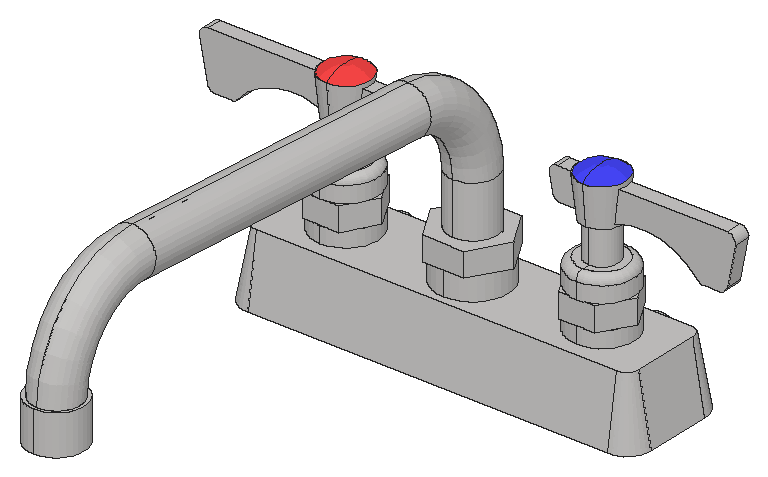
Revit family "Krowne_15-308L_DeckMount_Faucet", category Plumbing Fixtures, Revit 2018
Family settings
  Round Connector Dimension = Use Diameter
  Part Type = Normal
  OmniClass Number = 23.40.40.00
  OmniClass Title = Food Service Equipment and Furnishings
  Work Plane-Based = No
  Always vertical = Yes
  Cut with Voids When Loaded = No
  Shared = No
  Room Calculation Point = No
Parameters (values of type "DefaultType")
  Width = 8 3/8"
  Weight in Pounds = 5
  Watermarked By = ""
  Waste Water Discharge Temperature [instance] = -459.67 °F
  URL Cutsheet = ""
  URL = "https://krowne.com/"
  Status [instance] = ""
  Specification by User [instance] = ""
  Specification by Manufacturer [instance] = ""
  Serial Number [instance] = ""
  Revision Code [instance] = ""
  Plumbing Remarks [instance] = ""
  Plumbing Connection Type = ""
  NAFEM Spec ID Number [instance] = ""
  Model = "15-308L"
  Masterspec [instance] = ""
  Manufacturer = "Krowne Metal"
  KCLRef = "KCL2C9,,0004c581-0000-0000-0000-000000000307,KR,15-308L ,637100814740000000,eeedae36-c639-40e4-8920-3804ab45c4ca,9c4671c9-12e8-4237-acc4-ce8f68411cfb"
  KCL SpecSheet URL = "http://kclweb.kclcad.com/imagehandler.ashx?kdoc=15-3xxl&R=KR&M=15-308L%20&VC=7&TID=KCLWeb&T=doc"
  Item Number [instance] = "-"
  Installed By [instance] = ""
  Hot Water Temperature = 100 °F
  Hot Water Size = 1/2"
  Hot Water RI Height [instance] = 0"
  Hot Water Minimum Pressure = 0.00 psi
  Hot Water Maximum Pressure = 0.00 psi
  Hot Water Flow = 1.8 GPM
  Hot Water Consumption = 0 GPM
  Hot Water Connection Height = 0"
  Height = 3 3/8"
  Furnished By [instance] = ""
  Foodservice Equipment Identifier = yes
  Description = "Deck Mount Faucet"
  Depth = 1 7/8"
  Cold Water Temperature Recommended = -459.67 °F
  Cold Water Size = 1/2"
  Cold Water RI Height [instance] = 0"
  Cold Water Minimum Pressure = 0.00 psi
  Cold Water Maximum Pressure = 0.00 psi
  Cold Water Flow = 1.8 GPM
  Cold Water Consumption = ""
  Cold Water Connection Height = 0"
  CSI MasterFormat = ""
  Assembly Code = "E1090300"
Reference planes (in)
  plane 1 "BACK": y = 0
  plane 2: z = 0
  plane 3 "LEFT": x = -16.75323
  plane 4 "RIGHT": x = -8.37823
  plane 5 "FRONT": y = -1.875
  plane 6 "TOP": z = 3.375
  plane 7 "CENTER L/R": x = -12.56573
  plane 8 "Top of Body": z = 1.0625
  plane 9: y = -0.9375
  plane 10: z = 2.375
  plane 11: y = -9.0625
  plane 12: z = 4.75
Forms (in)
  Sweep 1, solid, material "QF_Stainless-Polished"
    path origin (-12.56573, 0, 0) x (0, 1, 0) y (0, 0, 1)
      loop
        line (-0.9375, 1.0625) -> (-0.9375, 2.61869)
        arc (-0.9375, 2.61869) -> (-1.30696, 3.55652) -> (-2.2168, 3.99036) r 1.375
        line (-2.2168, 3.99036) -> (-7.5918, 4.36536)
        arc (-7.5918, 4.36536) -> (-8.62533, 3.99923) -> (-9.0625, 2.99369) r 1.375
        line (-9.0625, 2.99369) -> (-9.0625, 2.375)
    profile origin (-12.56573, -0.9375, 1.84059) x (0, -1, 0) y (1, 0, 0)
      loop
        circle (0, 0) r 0.375
      loop
        circle (0, 0) r 0.25
  Extrusion 2, solid, material "QF_Stainless-Polished"
    sketch origin (0, 0, 1.0625) x (0, 1, 0) y (-1, 0, 0)
      loop
        circle (-0.9375, 12.56573) r 0.375
      loop
        circle (-0.9375, 12.56573) r 0.4375
    from 0 to 0.625
  Extrusion 3, solid, material "QF_Stainless-Polished"
    sketch origin (0, 0, 1.0625) x (0, 1, 0) y (-1, 0, 0)
      loop
        circle (-0.9375, 12.56573) r 0.5625
      loop
        circle (-0.9375, 12.56573) r 0.375
    from 0 to 0.375
  Extrusion 4, solid, material "QF_Stainless-Polished"
    sketch origin (0, 0, 1.4375) x (0, 1, 0) y (-1, 0, 0)
      loop
        line (-0.9375, 11.91391) -> (-0.37301, 12.23982) -> (-0.37301, 12.89163) -> (-0.9375, 13.21754) -> (-1.50199, 12.89163) -> (-1.50199, 12.23982) -> (-0.9375, 11.91391)
      loop
        circle (-0.9375, 12.56573) r 0.375
    from 0 to 0.375
  Extrusion 5, solid, material "QF_Stainless-Polished"
    sketch origin (-12.56573, -9.0625, 2.375) x (0, -1, 0) y (-1, 0, 0)
      loop
        circle (0, 0) r 0.375
      loop
        circle (0, 0) r 0.4375
    from 0 to -0.625
Lines and regions (in)
  symbolic lines
    curve 1: line (-12.23982, -0.37301, 0) -> (-12.89163, -0.37301, 0)
    curve 2: line (-12.89163, -0.37301, 0) -> (-13.21754, -0.9375, 0)
    curve 3: line (-13.21754, -0.9375, 0) -> (-12.94073, -1.41696, 0)
    curve 4: line (-12.19073, -1.41696, 0) -> (-11.91391, -0.9375, 0)
    curve 5: line (-11.91391, -0.9375, 0) -> (-12.23982, -0.37301, 0)
    curve 6: arc (-12.56573, -1.3125, 0) -> (-12.94073, -0.9375, 0) -> (-12.56573, -0.5625, 0) r 0.375
    curve 7: arc (-12.56573, -0.5625, 0) -> (-12.19073, -0.9375, 0) -> (-12.56573, -1.3125, 0) r 0.375
    curve 8: arc (-12.94073, -9.0625, 0) -> (-12.83089, -9.32767, 0) -> (-12.56573, -9.4375, 0) r 0.375
    curve 9: arc (-12.56573, -9.4375, 0) -> (-12.30056, -9.32767, 0) -> (-12.19073, -9.0625, 0) r 0.375
    curve 10: line (-12.94073, -9.0625, 0) -> (-12.94073, -0.9375, 0)
    curve 11: line (-12.19073, -0.9375, 0) -> (-12.19073, -9.0625, 0)
Dimensions and locks (in)
  "Width": plane 3 "LEFT" to plane 4 "RIGHT"
  "Depth": plane 5 "FRONT" to plane 1 "BACK"
  "Height": plane 6 "TOP" to plane 2
  plane 8 "Top of Body" to level = 1 1/16"
  equal spacing: plane 5 "FRONT", plane 9, plane 1 "BACK"
  equal spacing: plane 3 "LEFT", plane 7 "CENTER L/R", plane 4 "RIGHT"
  plane 10 to plane 8 "Top of Body" = 1 5/16"
  plane 11 to plane 1 "BACK" = 9 1/16"
  plane 12 to plane 8 "Top of Body" = 3 11/16"
  aligned and locked: level to plane 2
  aligned and locked: plane 9 to Sweep 1 sketch curve
  aligned and locked: Sweep 1 sketch curve to plane 11
  aligned and locked: plane 10 to Sweep 1 sketch curve
Automatic sketch dimensions
  Sweep 1 sketch curve to Sweep 1 sketch curve = 0"  (x2)
  Sweep 1 sketch curve to plane 7 "CENTER L/R" = 0"
  Sweep 1 sketch curve to profile plane = 0"
  Extrusion 2 sketch curve to Extrusion 2 sketch curve = 0"  (x2)
  Extrusion 2 sketch curve to plane 7 "CENTER L/R" = 0"
  plane 9 to Extrusion 2 sketch curve = 0"
  Extrusion 4 sketch curve to Extrusion 4 sketch curve = 0"  (x2)
  Extrusion 4 sketch curve to Extrusion 4 sketch curve = 0.56449"  (x2)
  Extrusion 4 sketch curve to Extrusion 4 sketch curve = 0.32591"  (x5)
  Extrusion 4 sketch curve to Extrusion 4 sketch curve = 0.65182"
  curve 8 to curve 9 = 0"
  plane 9 to curve 2 = 0"
  plane 11 to curve 10 = 0"
  plane 9 to curve 10 = 0"
  curve 6 to plane 7 "CENTER L/R" = 0"
  plane 9 to curve 11 = 0"
  plane 9 to curve 4 = 0"
  plane 9 to curve 6 = 0"
  curve 1 to plane 7 "CENTER L/R" = 0.32591"
  curve 10 to curve 8 = 3/8"
  curve 3 to curve 10 = 0.27682"
  plane 7 "CENTER L/R" to curve 5 = 0.32591"
  curve 11 to curve 4 = 0.27682"
  plane 1 "BACK" to curve 1 = 0.37301"
  curve 3 to curve 6 = 0.10446"
  curve 4 to curve 6 = 0.10446"
  Extrusion 3 sketch curve to Extrusion 3 sketch curve = 0"  (x2)
  Extrusion 3 sketch curve to plane 7 "CENTER L/R" = 0"
  plane 9 to Extrusion 3 sketch curve = 0"
  Sweep 1 sketch curve to plane 8 "Top of Body" = 0"
  Sweep 1 sketch curve to plane 6 "TOP" = 0.38131"
  Sweep 1 sketch curve to plane 12 = 0.38464"
  Sweep 1 sketch curve to Sweep 1 sketch curve = 0.0957"
  plane 5 "FRONT" to Sweep 1 sketch curve = 7/16"
  plane 5 "FRONT" to Sweep 1 sketch curve = 0.3418"
  plane 10 to Sweep 1 sketch curve = 0.24369"
  radius of Sweep 1 sketch curve = 3/8"
  radius of Sweep 1 sketch curve = 1/4"
  radius of Extrusion 2 sketch curve = 3/8"
  radius of Extrusion 2 sketch curve = 7/16"
  radius of Extrusion 4 sketch curve to Extrusion 3 = 0"
  radius of Extrusion 5 sketch curve to Sweep 1 = 0"
  radius of Sweep 1 to Extrusion 5 sketch curve = 1/16"
  radius of Extrusion 3 sketch curve = 9/16"
  radius of Extrusion 3 sketch curve = 3/8"
Nested families (in)
  nested 1: "QF_Krowne_15-3_Body" at (-0.1875, 0, 0), type "QF_Krowne_15-3_Body"
Connectors (in)
  piping at (-14.56573, 0.25, 0.53125), diameter 0.5, driven by "Hot Water Flow", driven by "Hot Water Size"
    settings: on nested 1, index 1, connector inside diameter 24", connector length 0", flow factor 0, pipe flow 1.8 GPM, pressure drop 0.00 psi, fitting loss kfactor 0, connector angle 0.00°, fixture units 0, engagement length 0", angle of deflection 0.00°, flow configuration 1, flow direction 1, fitting loss method 0, system type 19, joint type 0, gender type 0, connector reference index -1, connector utility 0, adjustable connector no, is connector primary yes, connector description "HOT WATER"
  piping at (-10.56573, 0.25, 0.53125), diameter 0.5, driven by "Cold Water Flow", driven by "Cold Water Size"
    settings: on nested 1, index 2, connector inside diameter 24", connector length 0", flow factor 0, pipe flow 1.8 GPM, pressure drop 0.00 psi, fitting loss kfactor 0, connector angle 0.00°, fixture units 0, engagement length 0", angle of deflection 0.00°, flow configuration 1, flow direction 1, fitting loss method 0, system type 20, joint type 0, gender type 0, connector reference index -1, connector utility 0, adjustable connector no, is connector primary no, connector description "COLD WATER"
Definition of nested family "QF_Krowne_15-3_Body"
  Parameters (values of type "QF_Krowne_15-3_Body")
    Width = 8 5/16"
    Watermarked By = ""
    Height = 3 7/8"
    Description = ""
    Depth = 1 13/16"
  Reference planes (in)
    plane 1 "BACK": y = 0
    plane 2: z = 0
    plane 3 "LEFT": x = -16.53448
    plane 4 "RIGHT": x = -8.22198
    plane 5 "TOP": z = 3.1875
    plane 6 "Center": x = -12.37823
    plane 7 "Left of Handle": x = -14.37823
    plane 8 "Right of Handle": x = -10.37823
    plane 9 "Top of Body": z = 1.0625
    plane 10 "FRONT": y = -1.8125
    plane 11: x = -15.56573
    plane 12: x = -9.19073
    plane 13 "Faucet Handle Center": y = -0.90625
    plane 14: y = -0.78125
    plane 15: y = -1.03125
    plane 16: z = 0.53125
    plane 17: z = 3.375
  Forms (in)
    Blend 1, solid
      base sketch origin (0, 0, 0) x (1, 0, 0) y (0, 1, 0)
        loop
          line (-15.19073, -1.8125) -> (-9.56573, -1.8125)
          arc (-9.56573, -1.8125) -> (-9.30056, -1.70267) -> (-9.19073, -1.4375) r 0.375
          line (-9.19073, -1.4375) -> (-9.19073, -0.375)
          arc (-9.19073, -0.375) -> (-9.30056, -0.10983) -> (-9.56573, 0) r 0.375
          line (-9.56573, 0) -> (-15.19073, 0)
          arc (-15.19073, 0) -> (-15.45589, -0.10983) -> (-15.56573, -0.375) r 0.375
          line (-15.56573, -0.375) -> (-15.56573, -1.4375)
          arc (-15.56573, -1.4375) -> (-15.45589, -1.70267) -> (-15.19073, -1.8125) r 0.375
      top sketch origin (0, 0, 0) x (1, 0, 0) y (0, 1, 0)
        loop
          arc (-15.37823, -1.4375) -> (-15.32331, -1.57008) -> (-15.19073, -1.625) r 0.1875
          line (-15.19073, -1.625) -> (-9.56573, -1.625)
          arc (-9.56573, -1.625) -> (-9.43314, -1.57008) -> (-9.37823, -1.4375) r 0.1875
          line (-9.37823, -1.4375) -> (-9.37823, -0.375)
          arc (-9.37823, -0.375) -> (-9.43314, -0.24242) -> (-9.56573, -0.1875) r 0.1875
          line (-9.56573, -0.1875) -> (-15.19073, -0.1875)
          arc (-15.19073, -0.1875) -> (-15.32331, -0.24242) -> (-15.37823, -0.375) r 0.1875
          line (-15.37823, -0.375) -> (-15.37823, -1.4375)
      from 0 to 1.0625
    Extrusion 2, solid
      sketch origin (0, 0, 1.0625) x (0, 1, 0) y (-1, 0, 0)
        loop
          circle (-0.90625, 14.37823) r 0.5
        loop
          circle (-0.90625, 10.37823) r 0.5
      from 0 to 0.25
    Extrusion 3, solid
      sketch origin (0, 0, 1.3125) x (0, 1, 0) y (-1, 0, 0)
        loop
          line (-0.90625, 13.81573) -> (-0.41911, 14.09698) -> (-0.41911, 14.65948) -> (-0.90625, 14.94073) -> (-1.39339, 14.65948) -> (-1.39339, 14.09698) -> (-0.90625, 13.81573)
        loop
          line (-0.90625, 9.81573) -> (-0.41911, 10.09698) -> (-0.41911, 10.65948) -> (-0.90625, 10.94073) -> (-1.39339, 10.65948) -> (-1.39339, 10.09698) -> (-0.90625, 9.81573)
      from 0 to 0.375
    Revolve 4, solid
      sketch origin (-14.37823, 0, 0) x (0, 1, 0) y (0, 0, 1)
        loop
          line (-0.90625, 1.6875) -> (-0.40625, 1.6875) -> (-0.40625, 1.9375)
          arc (-0.40625, 1.9375) -> (-0.44286, 2.02589) -> (-0.53125, 2.0625) r 0.125
          line (-0.53125, 2.0625) -> (-0.90625, 2.0625) -> (-0.90625, 1.6875)
        axis (-0.90625, 1.6875) -> (-0.90625, 2.0625)
      angle from 0 to 360
    Revolve 5, solid
      sketch origin (-10.37823, 0, 0) x (0, 1, 0) y (0, 0, 1)
        loop
          line (-0.90625, 1.6875) -> (-0.40625, 1.6875) -> (-0.40625, 1.9375)
          arc (-0.40625, 1.9375) -> (-0.44286, 2.02589) -> (-0.53125, 2.0625) r 0.125
          line (-0.53125, 2.0625) -> (-0.90625, 2.0625) -> (-0.90625, 1.6875)
        axis (-0.90625, 1.6875) -> (-0.90625, 2.0625)
      angle from 0 to 360
    Revolve 6, solid
      sketch origin (-10.37823, 0, 0) x (0, 1, 0) y (0, 0, 1)
        loop
          line (-0.90625, 2.0625) -> (-0.65625, 2.0625) -> (-0.65625, 2.625) -> (-0.90625, 2.625) -> (-0.90625, 2.0625)
        axis (-0.90625, 2.0625) -> (-0.90625, 2.625)
      angle from 0 to 360
    Revolve 7, solid
      sketch origin (-14.37823, 0, 0) x (0, 1, 0) y (0, 0, 1)
        loop
          line (-0.90625, 2.0625) -> (-0.65625, 2.0625) -> (-0.65625, 2.625) -> (-0.90625, 2.625) -> (-0.90625, 2.0625)
        axis (-0.90625, 2.0625) -> (-0.90625, 2.625)
      angle from 0 to 360
    Revolve 8, solid
      sketch origin (-14.37823, 0, 0) x (0, 1, 0) y (0, 0, 1)
        loop
          line (-0.90625, 2.625) -> (-0.59375, 2.625) -> (-0.53125, 3.25) -> (-0.90625, 3.25) -> (-0.90625, 2.625)
        axis (-0.90625, 2.625) -> (-0.90625, 3.25)
      angle from 0 to 360
    Revolve 9, solid
      sketch origin (-10.37823, 0, 0) x (0, 1, 0) y (0, 0, 1)
        loop
          line (-0.90625, 2.625) -> (-0.59375, 2.625) -> (-0.53125, 3.25) -> (-0.90625, 3.25) -> (-0.90625, 2.625)
        axis (-0.90625, 2.625) -> (-0.90625, 3.25)
      angle from 0 to 360
    Revolve 10, solid
      sketch origin (-14.37823, 0, 0) x (0, 1, 0) y (0, 0, 1)
        loop
          line (-0.90625, 3.25) -> (-0.53125, 3.25)
          arc (-0.53125, 3.25) -> (-0.70704, 3.34763) -> (-0.90625, 3.375) r 0.54601
          line (-0.90625, 3.375) -> (-0.90625, 3.25)
        axis (-0.90625, 3.25) -> (-0.90625, 3.375)
      angle from 0 to 360
    Revolve 11, solid
      sketch origin (-10.37823, 0, 0) x (0, 1, 0) y (0, 0, 1)
        loop
          line (-0.90625, 3.25) -> (-0.53125, 3.25)
          arc (-0.53125, 3.25) -> (-0.70704, 3.34763) -> (-0.90625, 3.375) r 0.54601
          line (-0.90625, 3.375) -> (-0.90625, 3.25)
        axis (-0.90625, 3.25) -> (-0.90625, 3.375)
      angle from 0 to 360
    Extrusion 12, solid
      sketch origin (0, 0, 0) x (1, 0, 0) y (0, 0, 1)
        loop
          circle (-14.37823, 0.53125) r 0.25
        loop
          circle (-10.37823, 0.53125) r 0.25
      from 0.21074 to -0.25
    Extrusion 13, solid
      sketch origin (0, -0.90625, 0) x (1, 0, 0) y (0, 0, 1)
        loop
          arc (-16.43825, 3.1875) -> (-16.53492, 3.14175) -> (-16.56082, 3.03799) r 0.125
          line (-16.56082, 3.03799) -> (-16.43584, 2.41303)
          arc (-16.43584, 2.41303) -> (-16.39251, 2.34087) -> (-16.31326, 2.31254) r 0.125
          line (-16.31326, 2.31254) -> (-16.06338, 2.31254)
          arc (-16.06338, 2.31254) -> (-16.01059, 2.32423) -> (-15.96768, 2.35712) r 0.125
          arc (-15.96768, 2.35712) -> (-15.39497, 2.72229) -> (-14.7163, 2.69449) r 1.13354
          arc (-14.7163, 2.69449) -> (-14.69547, 2.68898) -> (-14.674, 2.68712) r 0.125
          line (-14.674, 2.68712) -> (-13.83077, 2.68712)
          arc (-13.83077, 2.68712) -> (-13.75152, 2.71545) -> (-13.7082, 2.78761) r 0.125
          line (-13.7082, 2.78761) -> (-13.65813, 3.03799)
          arc (-13.65813, 3.03799) -> (-13.68403, 3.14175) -> (-13.7807, 3.1875) r 0.125
          line (-13.7807, 3.1875) -> (-16.43825, 3.1875)
        loop
          line (-8.3182, 3.1875) -> (-10.97575, 3.1875)
          arc (-10.97575, 3.1875) -> (-11.07242, 3.14175) -> (-11.09832, 3.03799) r 0.125
          line (-11.09832, 3.03799) -> (-11.04825, 2.78761)
          arc (-11.04825, 2.78761) -> (-11.00493, 2.71545) -> (-10.92568, 2.68712) r 0.125
          line (-10.92568, 2.68712) -> (-10.08245, 2.68712)
          arc (-10.08245, 2.68712) -> (-10.06098, 2.68898) -> (-10.04015, 2.69449) r 0.125
          arc (-10.04015, 2.69449) -> (-9.36148, 2.72229) -> (-8.78877, 2.35712) r 1.13354
          arc (-8.78877, 2.35712) -> (-8.74586, 2.32423) -> (-8.69307, 2.31254) r 0.125
          line (-8.69307, 2.31254) -> (-8.44319, 2.31254)
          arc (-8.44319, 2.31254) -> (-8.36394, 2.34087) -> (-8.32061, 2.41303) r 0.125
          line (-8.32061, 2.41303) -> (-8.19563, 3.03799)
          arc (-8.19563, 3.03799) -> (-8.22153, 3.14175) -> (-8.3182, 3.1875) r 0.125
      from -0.125 to 0.125
  Lines and regions (in)
    symbolic lines
      curve 1: line (-16.56082, -0.78125, 1.0625) -> (-13.6557, -0.78125, 1.0625)
      curve 2: line (-16.56082, -1.03125, 1.0625) -> (-16.56082, -0.78125, 1.0625)
      curve 3: line (-13.6557, -1.03125, 1.0625) -> (-16.56082, -1.03125, 1.0625)
      curve 4: line (-13.6557, -0.78125, 1.0625) -> (-13.6557, -1.03125, 1.0625)
      curve 5: line (-8.22198, -0.78125, 1.0625) -> (-11.10075, -0.78125, 1.0625)
      curve 6: line (-8.22198, -1.03125, 1.0625) -> (-8.22198, -0.78125, 1.0625)
      curve 7: line (-11.10075, -1.03125, 1.0625) -> (-8.22198, -1.03125, 1.0625)
      curve 8: line (-11.10075, -0.78125, 1.0625) -> (-11.10075, -1.03125, 1.0625)
      curve 9: line (-9.56573, 0, 1.0625) -> (-15.19073, 0, 1.0625)
      curve 10: line (-9.19073, -1.4375, 1.0625) -> (-9.19073, -1.03125, 1.0625)
      curve 11: line (-15.19073, -1.8125, 1.0625) -> (-9.56573, -1.8125, 1.0625)
      curve 12: line (-15.56573, -0.375, 1.0625) -> (-15.56573, -0.78125, 1.0625)
      curve 13: line (-15.56573, -1.03125, 1.0625) -> (-15.56573, -1.4375, 1.0625)
      curve 14: line (-9.19073, -0.78125, 1.0625) -> (-9.19073, -0.375, 1.0625)
      curve 15: line (-14.65948, -0.41911, 1.0625) -> (-14.86856, -0.78125, 1.0625)
      curve 16: line (-14.65948, -0.41911, 1.0625) -> (-14.09698, -0.41911, 1.0625)
      curve 17: line (-14.09698, -0.41911, 1.0625) -> (-13.88789, -0.78125, 1.0625)
      curve 18: line (-14.09698, -1.39339, 1.0625) -> (-14.65948, -1.39339, 1.0625)
      curve 19: line (-14.65948, -1.39339, 1.0625) -> (-14.86856, -1.03125, 1.0625)
      curve 20: line (-14.09698, -1.39339, 1.0625) -> (-13.88789, -1.03125, 1.0625)
      curve 21: line (-10.65948, -0.41911, 1.0625) -> (-10.09698, -0.41911, 1.0625)
      curve 22: line (-10.09698, -0.41911, 1.0625) -> (-9.88789, -0.78125, 1.0625)
      curve 23: line (-10.65948, -0.41911, 1.0625) -> (-10.86856, -0.78125, 1.0625)
      curve 24: line (-10.09698, -1.39339, 1.0625) -> (-10.65948, -1.39339, 1.0625)
      curve 25: line (-10.65948, -1.39339, 1.0625) -> (-10.86856, -1.03125, 1.0625)
      curve 26: line (-10.09698, -1.39339, 1.0625) -> (-9.88789, -1.03125, 1.0625)
      curve 27: arc (-15.56573, -0.375, 1.0625) -> (-15.45589, -0.10983, 1.0625) -> (-15.19073, 0, 1.0625) r 0.375
      curve 28: arc (-9.19073, -0.375, 1.0625) -> (-9.30056, -0.10983, 1.0625) -> (-9.56573, 0, 1.0625) r 0.375
      curve 29: arc (-9.19073, -1.4375, 1.0625) -> (-9.30056, -1.70267, 1.0625) -> (-9.56573, -1.8125, 1.0625) r 0.375
      curve 30: arc (-15.19073, -1.8125, 1.0625) -> (-15.45589, -1.70267, 1.0625) -> (-15.56573, -1.4375, 1.0625) r 0.375
      curve 31: line (-9.56573, -0.1875, 1.0625) -> (-15.19073, -0.1875, 1.0625)
      curve 32: arc (-15.19073, -0.1875, 1.0625) -> (-15.32331, -0.24242, 1.0625) -> (-15.37823, -0.375, 1.0625) r 0.1875
      curve 33: arc (-15.37823, -1.4375, 1.0625) -> (-15.32331, -1.57008, 1.0625) -> (-15.19073, -1.625, 1.0625) r 0.1875
      curve 34: line (-15.19073, -1.625, 1.0625) -> (-9.56573, -1.625, 1.0625)
      curve 35: arc (-9.56573, -1.625, 1.0625) -> (-9.43314, -1.57008, 1.0625) -> (-9.37823, -1.4375, 1.0625) r 0.1875
      curve 36: arc (-9.37823, -0.375, 1.0625) -> (-9.43314, -0.24242, 1.0625) -> (-9.56573, -0.1875, 1.0625) r 0.1875
      curve 37: line (-9.37823, -0.375, 1.0625) -> (-9.37823, -0.78125, 1.0625)
      curve 38: line (-9.37823, -1.4375, 1.0625) -> (-9.37823, -1.03125, 1.0625)
      curve 39: line (-15.37823, -1.4375, 1.0625) -> (-15.37823, -1.03125, 1.0625)
      curve 40: line (-15.37823, -0.375, 1.0625) -> (-15.37823, -0.78125, 1.0625)
  Dimensions and locks (in)
    "Width": plane 3 "LEFT" to plane 4 "RIGHT"
    equal spacing: plane 3 "LEFT", plane 6 "Center", plane 4 "RIGHT"
    equal spacing: plane 7 "Left of Handle", plane 6 "Center", plane 8 "Right of Handle"
    plane 9 "Top of Body" to level = 1 1/16"
    equal spacing: plane 10 "FRONT", plane 13 "Faucet Handle Center", plane 1 "BACK"
    equal spacing: plane 15, plane 13 "Faucet Handle Center", plane 14
    locked: plane 15 to plane 14 at 0.25
    equal spacing: plane 9 "Top of Body", plane 16, level
    plane 7 "Left of Handle" to plane 8 "Right of Handle" = 4"
    "Depth": plane 10 "FRONT" to plane 1 "BACK"
    plane 6 "Center" to plane 12 = 3 3/16"
    plane 11 to plane 6 "Center" = 3 3/16"
    plane 5 "TOP" to level = 3 3/16"
    plane 17 to level = 3 3/8"
    aligned and locked: level to plane 2
    aligned and locked: plane 9 "Top of Body" to Blend 1
    aligned and locked: Extrusion 3 to Revolve 5 sketch curve
    aligned and locked: Revolve 8 sketch curve to Revolve 8 sketch curve
    aligned and locked: Revolve 9 sketch curve to Revolve 9 sketch curve
    aligned and locked: plane 4 "RIGHT" to curve 6
    aligned and locked: curve 12 to plane 11
    aligned and locked: Extrusion 13 sketch curve to plane 5 "TOP"
    aligned and locked: plane 5 "TOP" to Extrusion 13 sketch curve
    aligned and locked: Extrusion 13 to plane 14
    aligned and locked: plane 15 to Extrusion 13
    aligned and locked: plane 10 "FRONT" to Blend 1 sketch curve
    aligned and locked: Blend 1 sketch curve to plane 11
    aligned and locked: plane 10 "FRONT" to curve 11
    aligned and locked: plane 13 "Faucet Handle Center" to Revolve 5 sketch curve
  Automatic sketch dimensions
    Extrusion 2 sketch curve to plane 8 "Right of Handle" = 0"
    plane 13 "Faucet Handle Center" to Extrusion 2 sketch curve = 0"  (x2)
    Extrusion 2 sketch curve to plane 7 "Left of Handle" = 0"
    Revolve 4 sketch curve to plane 13 "Faucet Handle Center" = 0"  (x2)
    Revolve 4 sketch curve to Revolve 4 sketch curve = 3/8"
    Revolve 4 sketch curve to Revolve 4 sketch curve = 1/8"
    plane 9 "Top of Body" to Revolve 4 sketch curve = 5/8"
    Revolve 4 sketch curve to Revolve 4 sketch curve = 1/4"
    Revolve 4 sketch curve to Revolve 4 sketch curve = 0"  (x2)
    Revolve 5 sketch curve to plane 13 "Faucet Handle Center" = 0"
    Revolve 5 sketch curve to Revolve 5 sketch curve = 3/8"
    Revolve 5 sketch curve to Revolve 5 sketch curve = 1/8"
    Revolve 5 sketch curve to Revolve 5 sketch curve = 0"  (x2)
    Revolve 5 sketch curve to Revolve 5 sketch curve = 1/4"
    Revolve 6 sketch curve to plane 13 "Faucet Handle Center" = 0"  (x2)
    Revolve 6 sketch curve to plane 13 "Faucet Handle Center" = 1/4"
    plane 9 "Top of Body" to Revolve 6 sketch curve = 1"
    Revolve 6 sketch curve to Revolve 6 sketch curve = 9/16"
    Revolve 6 sketch curve to Revolve 6 sketch curve = 3/8"
    Revolve 6 sketch curve to Revolve 6 sketch curve = 0"
    Revolve 7 sketch curve to plane 13 "Faucet Handle Center" = 0"  (x2)
    Revolve 7 sketch curve to Revolve 7 sketch curve = 1/4"
    plane 9 "Top of Body" to Revolve 7 sketch curve = 1"
    Revolve 7 sketch curve to Revolve 7 sketch curve = 9/16"
    Revolve 7 sketch curve to Revolve 7 sketch curve = 3/8"
    Revolve 7 sketch curve to Revolve 7 sketch curve = 0"
    Revolve 8 sketch curve to plane 13 "Faucet Handle Center" = 0"
    Revolve 8 sketch curve to Revolve 8 sketch curve = 5/16"
    plane 5 "TOP" to Revolve 8 sketch curve = 1/16"
    Revolve 8 sketch curve to Revolve 8 sketch curve = 3/8"
    Revolve 8 sketch curve to plane 5 "TOP" = 9/16"
    Revolve 8 sketch curve to Revolve 8 sketch curve = 0"  (x2)
    Revolve 9 sketch curve to plane 13 "Faucet Handle Center" = 0"
    Revolve 9 sketch curve to plane 13 "Faucet Handle Center" = 5/16"
    plane 5 "TOP" to Revolve 9 sketch curve = 1/16"
    Revolve 9 sketch curve to plane 13 "Faucet Handle Center" = 3/8"
    Revolve 9 sketch curve to plane 5 "TOP" = 9/16"
    Revolve 9 sketch curve to Revolve 9 sketch curve = 0"  (x2)
    Revolve 10 sketch curve to plane 13 "Faucet Handle Center" = 0"  (x2)
    Revolve 10 sketch curve to plane 13 "Faucet Handle Center" = 0.02655"
    plane 5 "TOP" to Revolve 10 sketch curve = 1/16"
    Revolve 10 sketch curve to Revolve 10 sketch curve = 3/8"
    Revolve 10 sketch curve to plane 5 "TOP" = 0.35786"
    Revolve 10 sketch curve to Revolve 10 sketch curve = 0"  (x2)
    Revolve 11 sketch curve to plane 13 "Faucet Handle Center" = 0"  (x2)
    Revolve 11 sketch curve to plane 13 "Faucet Handle Center" = 0.02655"
    plane 5 "TOP" to Revolve 11 sketch curve = 1/16"
    Revolve 11 sketch curve to Revolve 11 sketch curve = 3/8"
    Revolve 11 sketch curve to plane 5 "TOP" = 0.35786"
    Revolve 11 sketch curve to Revolve 11 sketch curve = 0"  (x2)
    Extrusion 12 sketch curve to plane 7 "Left of Handle" = 0"
    Extrusion 12 sketch curve to plane 8 "Right of Handle" = 0"
    Extrusion 12 sketch curve to plane 16 = 0"  (x2)
    Extrusion 13 sketch curve to plane 7 "Left of Handle" = 0.29578"
    plane 11 to Extrusion 13 sketch curve = 0.46583"
    plane 3 "LEFT" to Extrusion 13 sketch curve = 0.4711"
    plane 3 "LEFT" to Extrusion 13 sketch curve = 0.22121"
    plane 3 "LEFT" to Extrusion 13 sketch curve = 0.09864"
    plane 3 "LEFT" to Extrusion 13 sketch curve = 0.09623"
    Extrusion 13 sketch curve to plane 3 "LEFT" = 0.02635"
    plane 7 "Left of Handle" to Extrusion 13 sketch curve = 0.54745"
    Extrusion 13 sketch curve to plane 5 "TOP" = 1/8"  (x2)
    Extrusion 13 sketch curve to Extrusion 13 sketch curve = 0.05007"  (x2)
    Extrusion 13 sketch curve to plane 5 "TOP" = 0.39989"
    Extrusion 13 sketch curve to Extrusion 13 sketch curve = 0.12257"  (x2)
    Extrusion 13 sketch curve to plane 5 "TOP" = 0.14951"  (x4)
    Extrusion 13 sketch curve to plane 8 "Right of Handle" = 0.7201"
    plane 8 "Right of Handle" to Extrusion 13 sketch curve = 0.29578"
    Extrusion 13 sketch curve to plane 12 = 0.46583"
    Extrusion 13 sketch curve to plane 4 "RIGHT" = 0.4711"
    Extrusion 13 sketch curve to plane 4 "RIGHT" = 0.22121"
    Extrusion 13 sketch curve to plane 4 "RIGHT" = 0.09864"
    Extrusion 13 sketch curve to plane 4 "RIGHT" = 0.09623"
    plane 4 "RIGHT" to Extrusion 13 sketch curve = 0.02635"
    Extrusion 13 sketch curve to Extrusion 13 sketch curve = 0.25038"
    Extrusion 13 sketch curve to Extrusion 13 sketch curve = 0.10049"  (x2)
    Extrusion 13 sketch curve to plane 5 "TOP" = 0.74996"  (x2)
    Extrusion 13 sketch curve to Extrusion 13 sketch curve = 0"  (x4)
    Extrusion 13 sketch curve to Extrusion 13 sketch curve = 0.02451"  (x2)
    plane 9 "Top of Body" to Extrusion 13 sketch curve = 0.56533"  (x2)
    Extrusion 13 sketch curve to Extrusion 13 sketch curve = 1/8"  (x2)
    plane 11 to Blend 1 sketch curve = 3/8"
    Blend 1 sketch curve to Blend 1 sketch curve = 3/8"
    plane 1 "BACK" to Blend 1 sketch curve = 3/8"  (x2)
    Blend 1 sketch curve to plane 12 = 3/8"
    Blend 1 sketch curve to plane 12 = 3/16"
    Blend 1 sketch curve to Blend 1 sketch curve = 3/16"  (x4)
    plane 11 to Blend 1 sketch curve = 3/16"
    Blend 1 sketch curve to plane 10 "FRONT" = 3/8"
    plane 1 "BACK" to Blend 1 sketch curve = 0"
    Blend 1 sketch curve to plane 12 = 0"
    curve 27 to curve 32 = 0"  (x2)
    curve 28 to curve 36 = 0"  (x2)
    curve 29 to curve 35 = 0"  (x2)
    curve 30 to curve 33 = 0"  (x2)
    curve 30 to plane 11 = 0"
    curve 29 to plane 12 = 0"
    plane 15 to curve 4 = 0"
    plane 15 to curve 26 = 0"
    plane 14 to curve 40 = 0"
    plane 14 to curve 23 = 0"
    curve 14 to plane 12 = 0"
    plane 1 "BACK" to curve 9 = 0"
    curve 34 to plane 10 "FRONT" = 3/16"
    curve 33 to curve 33 = 3/16"
    curve 34 to curve 35 = 3/16"
    plane 15 to curve 26 = 0.36214"
    plane 15 to curve 20 = 0.36214"
    curve 17 to plane 14 = 0.36214"
    curve 23 to plane 14 = 0.36214"
    curve 27 to curve 27 = 3/8"
    plane 1 "BACK" to curve 14 = 3/8"
    curve 31 to curve 28 = 3/16"
    plane 8 "Right of Handle" to curve 22 = 9/32"
    plane 8 "Right of Handle" to curve 24 = 9/32"
    curve 24 to plane 8 "Right of Handle" = 9/32"
    curve 21 to plane 8 "Right of Handle" = 9/32"
    curve 21 to curve 8 = 0.44128"
    plane 7 "Left of Handle" to curve 4 = 0.72253"
    plane 7 "Left of Handle" to curve 20 = 9/32"
    plane 7 "Left of Handle" to curve 17 = 9/32"
    curve 19 to plane 7 "Left of Handle" = 9/32"
    curve 16 to plane 7 "Left of Handle" = 9/32"
    curve 2 to plane 3 "LEFT" = 0.02635"
    curve 22 to curve 21 = 0.20908"
    curve 26 to curve 22 = 0"
    curve 23 to curve 5 = 0.2322"
    curve 25 to curve 7 = 0.2322"
    curve 3 to curve 20 = 0.2322"
    curve 1 to curve 17 = 0.2322"
    curve 18 to curve 19 = 0.20908"
    curve 15 to curve 19 = 0"
    Extrusion 3 sketch curve to Extrusion 3 sketch curve = 0"
    Extrusion 3 sketch curve to Extrusion 3 sketch curve = 0.48714"  (x6)
    Extrusion 3 sketch curve to Extrusion 3 sketch curve = 9/32"  (x6)
    Extrusion 3 sketch curve to Extrusion 3 sketch curve = 9/16"  (x4)
    Extrusion 3 sketch curve to Extrusion 3 sketch curve = 2 7/8"
    radius of Extrusion 2 sketch curve = 1/2"  (x2)
    radius of Extrusion 12 sketch curve = 1/4"  (x2)
